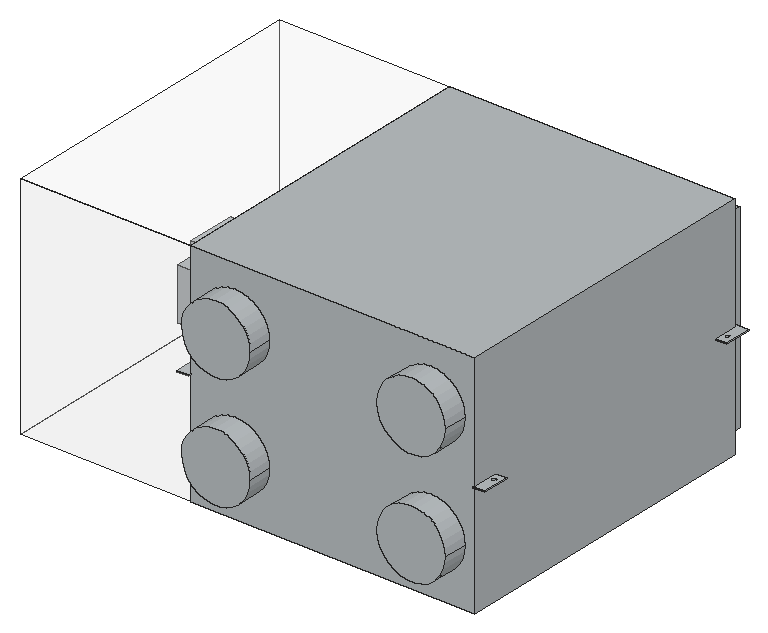
Revit family "lgh-rn150_200rxv2d-c_60Hz", category 機械設備, Revit 2019
Family settings
  丸型コネクタ寸法 = 直径を使用
  パーツ タイプ = 割り込み
  OmniClass 番号 = 23.75.10.34.21
  OmniClass タイトル = Heat Exchangers for Ventilation Air
  作業面ベース = いいえ
  常に垂直 = はい
  ロード時にボイドで切り取り = いいえ
  共有 = いいえ
  部屋計算ポイント = はい
Parameters (values of type "LGH-RN150RXV2D-C")
  騒音レベル(dB(A)) = 38.5
  風量 = MAX風量  # 1500.0 m³/h
  面風速 = 8.5 m/s
  電源種別 [instance] = "一般"
  電圧 = 200 V
  電動機出力 = 0 W
  集中コントローラ = ""
  運転質量 = 0.00 kg
  連動 [instance] = ""
  質量 = if(製品質量 > 運転質量, 製品質量, 運転質量) * 1.2  # 128.40 kg
  負荷分類 = 3_ファン類
  説明 = "業務用ロスナイ 天井埋込形 DCリプレースマイコン CO2センサー付"
  設計風量 = 0.0 m³/h
  設置方法 = "天井吊(隠ぺい)形"
  記号 [instance] = ""
  製造元 = "三菱電機株式会社"
  製品質量 = 107.00 kg
  製品出荷対象 = "国内"
  製品リリース年月 = "2023/5/15"
  製品グループ = ""
  系統 [instance] = ""
  符号 [instance] = "HEU"
  積算_科目 = "1 空気調和設備"
  積算_拾い区分 [instance] = ""
  相 = 1
  盤記号 [instance] = ""
  発停方法 [instance] = ""
  特殊仕様 [instance] = ""
  点検口高さ = -Height / 2  # -404 mm
  点検口 = yes
  火災停止 [instance] = ""
  温度交換効率_特強 = 74.00%
  温度交換効率_強 = 74.00%
  温度交換効率_弱 = 76.50%
  消費電力 = 900 W
  法定耐用年数 = "15"
  機外静圧_排気 = 275.0 Pa
  機外静圧 = 275.0 Pa
  極数 = 3
  材質 [instance] = ""
  本体マテリアル = 溶融亜鉛めっき鋼板
  操作・制御方式 = ""
  操作・制御スイッチ = ""
  排気量 = 0.0 m³/h
  形式 = "天井埋込ダクト形"
  形名 = LGH-RN-3 : LGH-RN150-3
  幹線記号 [instance] = ""
  対象室 [instance] = ""
  実風量 = 0.0 m³/h
  始動方式 [instance] = "直入"
  外気量 = 設計風量  # 0.0 m³/h
  呼称 = "全熱交換ユニット"
  周波数 = 60 Hz
  吊りボルト-W = 1046 mm
  吊りボルト-D = 1030 mm
  参照している仕様書等のバージョン = ""
  初期抵抗 = 0.0 Pa
  分類コード = "50052504100070"
  分類グループ = ""
  価格 = 1441200
  企業コード = "108420"
  付属品_フィルター_還気 = ""
  付属品_フィルター = ""
  付属品 [instance] = ""
  仕様書バージョン = "Version1.0"
  モデル = "LGH-RN150RXV2D-C"
  ダクト高 = 700 mm
  ダクト径 = 250 mm
  ダクト幅 = 270 mm
  サービススペース = yes
  コメント [instance] = ""
  Keynote = ""
  エンタルピ交換効率_暖房_特強 = 76.00%
  エンタルピ交換効率_暖房_強 = 76.00%
  エンタルピ交換効率_暖房_弱 = 78.50%
  エンタルピ交換効率_冷房_特強 = 66.00%
  エンタルピ交換効率_冷房_強 = 66.00%
  エンタルピ交換効率_冷房_弱 = 68.50%
  Width = 1004 mm
  Version = ""
  Uniclass2015Version = "Systems v1.9"
  Uniclass2015Title = "Thermal wheels"
  Uniclass2015Code = "Pr_60_60_36_88"
  URL = "https://www.mitsubishielectric.co.jp/ldg/wink/qr/002/324452/"
  SpecificationReference = ""
  SpecificationDescription = ""
  SMAX風量 = 1500.0 m³/h
  SMAX静圧 = 275.0 Pa
  SAサイズ_D = 242 mm
  Revision = ""
  RAサイズ_D = 242 mm
  ProductInformation = ""
  OmniClassCode = "23-27 23 19 11"
  OAサイズ_W = 270 mm
  OAサイズ_D = 700 mm
  MIN風量 = 660.0 m³/h
  MIN静圧 = 47.0 Pa
  MID風量 = 1080.0 m³/h
  MID静圧 = 127.0 Pa
  MAX風量 = 1500.0 m³/h
  MAX静圧 = 245.0 Pa
  M2 = 49 mm
  M1 = 84 mm
  IfcTypeProduct = ""
  IfcProduct = ""
  IfcExportType = "ROTARYWHEEL"
  IfcExportAs = "IfcAirToAirHeatRecoveryType"
  Height = 808 mm
  EAサイズ_W = 270 mm
  EAサイズ_D = 700 mm
  Depth = 1144 mm
  Clearance Top = 0 mm  # constant formula
  Clearance Right = 0 mm  # constant formula
  Clearance Left = 600 mm  # constant formula
  Clearance Front = 0 mm  # constant formula
  Clearance Bottom = 0 mm  # constant formula
  Clearance Back = 0 mm  # constant formula
  Author = "三菱電機株式会社"
Types (2, lengths in mm): name | 騒音レベル(dB(A)) | 風量 | 面風速 | 質量 | 製品質量 | 温度交換効率_特強 | 温度交換効率_強 | 温度交換効率_弱 | 消費電力 | 機外静圧_排気 | 機外静圧 | 形名 | 吊りボルト-W | 価格 | モデル | エンタルピ交換効率_暖房_特強 | エンタルピ交換効率_暖房_強 | エンタルピ交換効率_暖房_弱 | エンタルピ交換効率_冷房_特強 | エンタルピ交換効率_冷房_強 | エンタルピ交換効率_冷房_弱 | Width | URL | SMAX風量 | SMAX静圧 | MIN風量 | MIN静圧 | MID風量 | MID静圧 | MAX風量 | MAX静圧
  LGH-RN150RXV2D-C | 38.5 | 1500.0 m³/h | 8.5 m/s | 128.40 kg | 107.00 kg | 74.00% | 74.00% | 76.50% | 900 W | 275.0 Pa | 275.0 Pa | LGH-RN-3 : LGH-RN150-3 | 1046 | 1441200 | "LGH-RN150RXV2D-C" | 76.00% | 76.00% | 78.50% | 66.00% | 66.00% | 68.50% | 1004 | "https://www.mitsubishielectric.co.jp/ldg/wink/qr/002/324452/" | 1500.0 m³/h | 275.0 Pa | 660.0 m³/h | 47.0 Pa | 1080.0 m³/h | 127.0 Pa | 1500.0 m³/h | 245.0 Pa
  LGH-RN200RXV2D-C | 41 | 2000.0 m³/h | 11.3 m/s | 140.40 kg | 117.00 kg | 73.00% | 73.00% | 75.00% | 1160 W | 225.0 Pa | 225.0 Pa | LGH-RN-3 : LGH-RN200-3 | 1273 | 1614200 | "LGH-RN200RXV2D-C" | 75.00% | 75.00% | 76.50% | 65.00% | 65.00% | 67.50% | 1231 | "https://www.mitsubishielectric.co.jp/ldg/wink/qr/002/324455/" | 2000.0 m³/h | 225.0 Pa | 880.0 m³/h | 32.0 Pa | 1440.0 m³/h | 86.0 Pa | 2000.0 m³/h | 165.0 Pa
Reference planes
  plane 1 "中心(正面/背面)": y = 0
  plane 2: z = 0
  plane 3 "中心(左/右)": x = 0
  plane 4 "4": x = 0
  plane 5 "3": x = 0
  plane 6 "左": x = -502
  plane 7 "右": x = 502
  plane 8 "背面": y = 572
  plane 9 "正面": y = -572
  plane 10: z = 404
  plane 11: y = 515
  plane 12: y = -515
  plane 13: x = 523
  plane 14: x = -523
  plane 15: z = -404
  plane 16: z = 404
  plane 17: z = -404
  plane 18: y = 572
  plane 19: x = 502
  plane 20: x = -1102
  plane 21: y = -572
  plane 22: y = 225
  plane 23: x = -652
  plane 24: y = -225
Dimensions and locks
  equal spacing: plane 6 "左", plane 5 "3", plane 7 "右"
  "Width": plane 6 "左" to plane 7 "右"
  equal spacing: plane 9 "正面", plane 1 "中心(正面/背面)", plane 8 "背面"
  "Depth": plane 9 "正面" to plane 8 "背面"
  equal spacing: plane 10, level, plane 15
  "Height": plane 10 to plane 15
  equal spacing: plane 14, plane 5 "3", plane 13
  "吊りボルト-W": plane 14 to plane 13
  equal spacing: plane 12, plane 1 "中心(正面/背面)", plane 11
  "吊りボルト-D": plane 12 to plane 11
  "Clearance Back": plane 8 "背面" to plane 18
  "Clearance Front": plane 21 to plane 9 "正面"
  "Clearance Right": plane 7 "右" to plane 19
  "Clearance Left": plane 20 to plane 6 "左"
  "Clearance Top": plane 16 to plane 10
  "Clearance Bottom": plane 15 to plane 17
  equal spacing: plane 24, plane 1 "中心(正面/背面)", plane 22
  locked: plane 24 to plane 22 at 450
  locked: plane 20 to plane 23 at 450
  aligned and locked: level to plane 2
  aligned and locked: nested 1 to plane 11
  aligned and locked: plane 12 to nested 1
  aligned and locked: plane 14 to nested 1
  aligned and locked: plane 13 to nested 1
  aligned and locked: plane 21 to nested 3
  aligned and locked: plane 20 to nested 3
  aligned and locked: plane 16 to nested 3
  aligned and locked: plane 17 to nested 3
  aligned and locked: plane 18 to nested 3
  aligned and locked: plane 6 "左" to nested 3
  aligned and locked: plane 1 "中心(正面/背面)" to nested 2
  aligned and locked: nested 2 to plane 5 "3"
  aligned and locked: plane 23 to nested 4
  aligned and locked: plane 20 to nested 4
  aligned and locked: plane 22 to nested 4
  aligned and locked: nested 4 to plane 24
Nested families
  nested 1: "固定点" at (-523, -515, 0), type "固定点"
    with W 1046 mm, D 1030 mm
  nested 2: "LGH-RN-3" at (0, 0, -404) x (0, -1, 0) z (0, 0, 1), type <- "形名", type "LGH-RN150-3"
  nested 3: "サービススペース" at (-802, 0, 0), visible <- "サービススペース", type "サービススペース"
    with Width 600 mm, Height 808 mm, Depth 1144 mm
  nested 4: "点検口設置範囲" at (-877, 0, -404), visible <- "点検口", built-in parameter 1001364 <- "点検口高さ", type "点検口設置範囲"
    with Width 450 mm, Depth 450 mm
Connectors
  hvac at (345, -656, 202), driven by "ダクト径", driven by "機外静圧", driven by "風量"
    settings: on nested 2, index 1, duct flow 1500.0 m³/h, flow factor 0, pres drop 275.0 Pa, loss coef 0, conn angle 0.00°, conn width 304.8 mm, conn height 304.8 mm, conn diameter 250 mm, duct sys type 2, conn prof type 0, flow config 0, flow direction 1, loss method 4, conn ref index -1, conn util no, is conn primary yes, conn desc ""
  hvac at (345, -656, -202), driven by "ダクト径", driven by "機外静圧", driven by "風量"
    settings: on nested 2, index 2, duct flow 1500.0 m³/h, flow factor 0, pres drop 275.0 Pa, loss coef 0, conn angle 0.00°, conn width 304.8 mm, conn height 304.8 mm, conn diameter 250 mm, duct sys type 2, conn prof type 0, flow config 0, flow direction 1, loss method 4, conn ref index -1, conn util no, is conn primary no, conn desc ""
  hvac at (-345, -656, 202), driven by "ダクト径", driven by "機外静圧", driven by "風量"
    settings: on nested 2, index 3, duct flow 1500.0 m³/h, flow factor 0, pres drop 275.0 Pa, loss coef 0, conn angle 0.00°, conn width 304.8 mm, conn height 304.8 mm, conn diameter 250 mm, duct sys type 1, conn prof type 0, flow config 0, flow direction 2, loss method 4, conn ref index -1, conn util no, is conn primary no, conn desc ""
  hvac at (-345, -656, -202), driven by "ダクト径", driven by "機外静圧", driven by "風量"
    settings: on nested 2, index 4, duct flow 1500.0 m³/h, flow factor 0, pres drop 275.0 Pa, loss coef 0, conn angle 0.00°, conn width 304.8 mm, conn height 304.8 mm, conn diameter 250 mm, duct sys type 1, conn prof type 0, flow config 0, flow direction 2, loss method 4, conn ref index -1, conn util no, is conn primary no, conn desc ""
  hvac at (345, 621, 0), driven by "機外静圧", driven by "排気量", driven by "ダクト高", driven by "ダクト幅"
    settings: on nested 2, index 5, duct flow 0.0 m³/h, flow factor 0, pres drop 275.0 Pa, loss coef 0, conn angle 0.00°, conn width 270 mm, conn height 700 mm, conn diameter 609.6 mm, duct sys type 3, conn prof type 1, flow config 0, flow direction 2, loss method 4, conn ref index -1, conn util no, is conn primary no, conn desc ""
  hvac at (-345, 621, 0), driven by "機外静圧", driven by "外気量", driven by "ダクト幅", driven by "ダクト高"
    settings: on nested 2, index 6, duct flow 0.0 m³/h, flow factor 0, pres drop 275.0 Pa, loss coef 0, conn angle 0.00°, conn width 270 mm, conn height 700 mm, conn diameter 609.6 mm, duct sys type 4, conn prof type 1, flow config 0, flow direction 1, loss method 4, conn ref index -1, conn util no, is conn primary no, conn desc ""
  electrical at (-559.5, -427, -18.5), driven by "極数", driven by "負荷分類", driven by "電圧", driven by "消費電力"
    settings: on nested 2, index 7, voltage 200 V, apparent load 900 VA, apparent load phase1 0 VA, apparent load phase2 0 VA, apparent load phase3 0 VA, power factor 1, load classification "3_ファン類", number of poles 3, system type 30, power factor state 1, is connector primary yes, connector utility no, sub classification motor no, connector description ""
Definition of nested family "LGH-RN-3"
  Parameters (values of type "LGH-RN150-3")
    吊りボルト-φ = 13 mm
    吊りボルト-W1 = 1030 mm
    吊りボルト-D1 = 1046 mm
    マテリアル = none
    ダクト間 = 690 mm
    ダクト-W = 270 mm
    ダクト-H = 700 mm
    コントロール手前位置 = 145 mm  # constant formula
    コントロール上位置 = 88 mm  # constant formula
    φ = 242 mm
    Φ = 258 mm
    吊りボルト-H = 0 mm
    M2 = 49 mm
    M1 = 84 mm
    W = 1144 mm
    H = 808 mm
    D = 1004 mm
    CO2センサー手前位置 = 176 mm  # constant formula
    CO2センサー上位置 = 201 mm  # constant formula
  Types (2, lengths in mm): name | 吊りボルト-D1 | ダクト間 | D
    LGH-RN200-3 | 1273 | 917 | 1231
    LGH-RN150-3 | 1046 | 690 | 1004
  Reference planes
    plane 1 "中心(正面/背面)": y = 0
    plane 2: z = 0
    plane 3 "中心(左/右)": x = 0
    plane 4: y = 502
    plane 5: y = 523
    plane 6: y = 543
    plane 7: y = -502
    plane 8: y = -523
    plane 9: y = -543
    plane 10: x = -572
    plane 11: x = 572
    plane 12: z = 404
    plane 13: x = -213
    plane 14: x = 656
    plane 15: x = -621
    plane 16: z = 202
    plane 17: y = 345
    plane 18: y = -345
    plane 19: x = -515
    plane 20: x = 515
    plane 21: x = 190.667
    plane 22: x = -190.667
    plane 23: y = -617
    plane 24: y = -686
    plane 25: x = 427
    plane 26: x = 381.333
    plane 27: x = 252
    plane 28: z = 336.667
    plane 29: z = 269.333
    plane 30: z = 134.667
    plane 31: z = 67.333
    plane 32: x = 396
    plane 33: x = 281
    plane 34: x = -581
    plane 35: x = 581
    plane 36: x = 485
    plane 37: x = -485
    plane 38: z = 404
    plane 39: z = 401
    plane 40: z = 606
    plane 41: z = 471.333
    plane 42: z = 538.667
    plane 43: z = 673.333
    plane 44: z = 740.667
    plane 45: z = 404
    plane 46: z = 808
    plane 47: y = 480
    plane 48: y = 210
    plane 49: y = -210
    plane 50: y = -480
    plane 51: z = 754
    plane 52: z = 54
    plane 53: z = 720
    plane 54: z = 607
    plane 55: z = 424
    plane 56: z = 51
  Forms (mm)
    Extrusion 1, solid, material <- "マテリアル", detail levels fine
      sketch origin (0, 0, 0) x (0, 1, 0) y (0, 0, -1)
        loop
          circle (-345, -202) r 121
        loop
          circle (345, -202) r 121
        loop
          circle (345, -606) r 121
        loop
          circle (-345, -606) r 121
      from -572 to -656
    Extrusion 2, solid, material <- "マテリアル", detail levels fine
      sketch origin (0, 0, 0) x (1, 0, 0) y (0, 1, 0)
        loop
          line (-581, 543) -> (-581, 502) -> (-485, 502) -> (-485, 543) -> (-581, 543)
        loop
          line (-581, -502) -> (-581, -543) -> (-485, -543) -> (-485, -502) -> (-581, -502)
        loop
          line (485, 543) -> (485, 502) -> (581, 502) -> (581, 543) -> (485, 543)
        loop
          line (485, -543) -> (581, -543) -> (581, -502) -> (485, -502) -> (485, -543)
        loop
          circle (-515, 523) r 6.5
        loop
          circle (515, 523) r 6.5
        loop
          circle (-515, -523) r 6.5
        loop
          circle (515, -523) r 6.5
      from 401 to 404
    Extrusion 3, solid, material <- "マテリアル", detail levels fine
      sketch origin (0, 0, 808) x (0, -1, 0) y (1, 0, 0)
        loop
          line (-502, -572) -> (502, -572) -> (502, 572) -> (-502, 572) -> (-502, -572)
      from 0 to -808
    Extrusion 4, solid, material <- "マテリアル", detail levels fine
      sketch origin (0, 0, 0) x (1, 0, 0) y (0, 0, 1)
        loop
          line (252, 720) -> (252, 51) -> (427, 51) -> (427, 720) -> (252, 720)
      from 502 to 617
    Extrusion 5, solid, material <- "マテリアル", detail levels fine
      sketch origin (0, 0, 0) x (1, 0, 0) y (0, 0, 1)
        loop
          line (281, 607) -> (281, 424) -> (396, 424) -> (396, 607) -> (281, 607)
      from 617 to 686
    Extrusion 6, solid, material <- "マテリアル", detail levels fine
      sketch origin (0, 0, 0) x (0, 1, 0) y (0, 0, 1)
        loop
          line (-210, 754) -> (-480, 754) -> (-480, 54) -> (-210, 54) -> (-210, 754)
        loop
          line (210, 754) -> (210, 54) -> (480, 54) -> (480, 754) -> (210, 754)
      from -621 to -572
  Dimensions and locks
    "W": plane 10 to plane 11
    "吊りボルト-D1": plane 8 to plane 5
    "D": plane 7 to plane 4
    equal spacing: plane 7, plane 1 "中心(正面/背面)", plane 4
    equal spacing: plane 10, plane 3 "中心(左/右)", plane 11
    "M2": plane 15 to plane 10
    "M1": plane 11 to plane 14
    equal spacing: plane 8, plane 1 "中心(正面/背面)", plane 5
    equal spacing: plane 18, plane 1 "中心(正面/背面)", plane 17
    "ダクト間": plane 18 to plane 17
    equal spacing: plane 19, plane 3 "中心(左/右)", plane 20
    "吊りボルト-W1": plane 19 to plane 20
    plane 15 to plane 14 = 1277 mm
    equal spacing: plane 10, plane 22, plane 21, plane 11
    plane 11 to plane 21 to plane 22 to plane 10 = 381.333 mm, 381.333 mm, 381.333 mm
    locked: plane 23 to plane 7 at 115
    locked: plane 24 to plane 7 at 184
    equal spacing: plane 12, plane 28, plane 29, plane 16, plane 30, plane 31, level
    locked: plane 5 to plane 6 at 20
    locked: plane 9 to plane 8 at 20
    locked: plane 38 to plane 39 at 3
    "吊りボルト-H": plane 12 to plane 38
    locked: plane 19 to plane 37 at 30
    locked: plane 36 to plane 20 at 30
    locked: plane 34 to plane 10 at 9
    locked: plane 11 to plane 35 at 9
    "H": plane 46 to level
    equal spacing: plane 46, plane 44, plane 43, plane 40, plane 42, plane 41, plane 12
    "吊りボルト-H": plane 45 to plane 12
    equal spacing: plane 48, plane 17, plane 47
    "ダクト-W": plane 48 to plane 47
    equal spacing: plane 50, plane 18, plane 49
    "ダクト-W": plane 50 to plane 49
    equal spacing: plane 51, plane 45, plane 52
    "ダクト-H": plane 51 to plane 52
    locked: plane 33 to plane 32 at 115
    locked: plane 27 to plane 25 at 175
    "CO2センサー手前位置": plane 32 to plane 11
    "コントロール手前位置": plane 25 to plane 11
    locked: plane 53 to plane 56 at 669
    "コントロール上位置": plane 46 to plane 53
    "CO2センサー上位置": plane 46 to plane 54
    locked: plane 54 to plane 55 at 183
    "φ": diameter of Extrusion 1 sketch curve  (x4)
    "吊りボルト-φ": diameter of Extrusion 2 sketch curve  (x4)
    aligned and locked: level to plane 2
    aligned and locked: plane 14 to Extrusion 1
    aligned and locked: plane 18 to Extrusion 1 sketch curve  (x2)
    aligned and locked: plane 16 to Extrusion 1 sketch curve  (x2)
    aligned and locked: plane 17 to Extrusion 1 sketch curve  (x2)
    aligned and locked: plane 6 to Extrusion 2 sketch curve  (x2)
    aligned and locked: plane 34 to Extrusion 2 sketch curve  (x2)
    aligned and locked: Extrusion 2 sketch curve to plane 4  (x2)
    aligned and locked: Extrusion 2 sketch curve to plane 37  (x2)
    aligned and locked: plane 7 to Extrusion 2 sketch curve
    aligned and locked: Extrusion 2 sketch curve to plane 9
    aligned and locked: Extrusion 2 sketch curve to plane 35
    aligned and locked: plane 9 to Extrusion 2 sketch curve
    aligned and locked: Extrusion 2 sketch curve to plane 7
    aligned and locked: plane 35 to Extrusion 2 sketch curve
    aligned and locked: plane 8 to Extrusion 2 sketch curve  (x2)
    aligned and locked: plane 5 to Extrusion 2 sketch curve  (x2)
    aligned and locked: plane 19 to Extrusion 2 sketch curve  (x2)
    aligned and locked: plane 20 to Extrusion 2 sketch curve  (x2)
    aligned and locked: Extrusion 2 to plane 39
    aligned and locked: plane 38 to Extrusion 2
    aligned and locked: Extrusion 2 sketch curve to plane 36  (x2)
    aligned and locked: Extrusion 3 to plane 46
    aligned and locked: plane 27 to Extrusion 4 sketch curve
    aligned and locked: plane 7 to Extrusion 4
    aligned and locked: plane 23 to Extrusion 4
    aligned and locked: plane 33 to Extrusion 5 sketch curve
    aligned and locked: Extrusion 5 sketch curve to plane 32
    aligned and locked: plane 23 to Extrusion 5
    aligned and locked: plane 24 to Extrusion 5
    aligned and locked: plane 40 to Extrusion 1 sketch curve  (x2)
    aligned and locked: plane 51 to Extrusion 6 sketch curve
    aligned and locked: Extrusion 6 sketch curve to plane 51
    aligned and locked: Extrusion 6 sketch curve to plane 52  (x2)
    aligned and locked: Extrusion 6 sketch curve to plane 47
    aligned and locked: Extrusion 6 sketch curve to plane 48
    aligned and locked: Extrusion 6 sketch curve to plane 49
    aligned and locked: Extrusion 6 sketch curve to plane 50
    aligned and locked: Extrusion 6 to plane 15
    aligned and locked: plane 10 to Extrusion 6
    aligned and locked: plane 55 to Extrusion 5 sketch curve
    aligned and locked: Extrusion 5 sketch curve to plane 54
    aligned and locked: Extrusion 4 sketch curve to plane 53
    aligned and locked: Extrusion 3 to level
    aligned and locked: Extrusion 4 to plane 56
    aligned and locked: Extrusion 1 to plane 11
  Automatic sketch dimensions
    plane 4 to Extrusion 3 sketch curve = 0 mm
    plane 7 to Extrusion 3 sketch curve = 0 mm
    Extrusion 3 sketch curve to plane 10 = 0 mm
    Extrusion 3 sketch curve to plane 11 = 0 mm
    Extrusion 4 sketch curve to plane 12 = 353 mm
    Extrusion 4 sketch curve to plane 25 = 0 mm
Definition of nested family "サービススペース"
  Parameters (values of type "サービススペース")
    Width [instance] = 500 mm
    Height [instance] = 500 mm
    Depth [instance] = 500 mm
  Reference planes
    plane 1 "中心(正面/背面)": y = 0
    plane 2: z = 0
    plane 3 "中心(左/右)": x = 0
    plane 4: y = -250
    plane 5: x = 250
    plane 6: y = 250
    plane 7: x = -250
    plane 8: z = 250
    plane 9: z = -250
  Forms (mm)
    Extrusion 1, solid
      sketch origin (-638.939, 0, 72.39) x (1, 0, 0) y (0, 1, 0)
        loop
          line (388.939, 250) -> (388.939, -250) -> (888.939, -250) -> (888.939, 250) -> (388.939, 250)
      from -322.39 to 177.61
  Lines and regions (mm)
    symbolic lines
      curve 1: line (-250, 0, 250) -> (250, 0, 250)
      curve 2: line (-250, 0, -250) -> (-250, 0, 250)
      curve 3: line (250, 0, -250) -> (-250, 0, -250)
      curve 4: line (250, 0, 250) -> (250, 0, -250)
      curve 5: line (0, -250, 250) -> (0, 250, 250)
      curve 6: line (0, -250, -250) -> (0, -250, 250)
      curve 7: line (0, 250, -250) -> (0, -250, -250)
      curve 8: line (0, 250, 250) -> (0, 250, -250)
      curve 9: line (-250, 250, 0) -> (250, 250, 0)
      curve 10: line (-250, -250, 0) -> (-250, 250, 0)
      curve 11: line (250, -250, 0) -> (-250, -250, 0)
      curve 12: line (250, 250, 0) -> (250, -250, 0)
  Dimensions and locks
    equal spacing: plane 7, plane 3 "中心(左/右)", plane 5
    equal spacing: plane 4, plane 1 "中心(正面/背面)", plane 6
    "Depth": plane 4 to plane 6
    "Width": plane 7 to plane 5
    equal spacing: plane 8, plane 2, plane 9
    "Height": plane 8 to plane 9
    aligned and locked: plane 9 to curve 3
    aligned and locked: plane 7 to curve 2
    aligned and locked: curve 4 to plane 5
    aligned and locked: plane 5 to Extrusion 1
    aligned and locked: Extrusion 1 to plane 7
    aligned and locked: Extrusion 1 to plane 9
    aligned and locked: plane 8 to Extrusion 1
    aligned and locked: plane 9 to curve 7
  Automatic sketch dimensions
    plane 4 to Extrusion 1 sketch curve = 0 mm
    Extrusion 1 sketch curve to plane 7 = 0 mm
    Extrusion 1 sketch curve to plane 5 = 0 mm
    plane 6 to Extrusion 1 sketch curve = 0 mm
    curve 2 to plane 8 = 0 mm
    plane 4 to curve 11 = 0 mm
    curve 11 to plane 7 = 0 mm
    curve 11 to plane 5 = 0 mm
    plane 6 to curve 10 = 0 mm
    curve 7 to plane 4 = 0 mm
    curve 7 to plane 6 = 0 mm
    curve 6 to plane 8 = 0 mm
Definition of nested family "固定点"
  Parameters (values of type "固定点")
    中心円 = 11 mm
    W [instance] = 1000 mm
    D [instance] = 1000 mm
  Reference planes
    plane 1 "中心(正面/背面)": y = 0
    plane 2: z = 0
    plane 3 "中心(左/右)": x = 0
    plane 4: x = 1000
    plane 5: y = 1000
  Lines and regions (mm)
    symbolic lines, detail levels fine
      curve 1: circle (0, 1000, 0) r 5.5 normal (0, 0, 1)
      curve 2: circle (0, 0, 0) r 5.5 normal (0, 0, 1)
      curve 3: circle (1000, 1000, 0) r 5.5 normal (0, 0, 1)
      curve 4: circle (1000, 0, 0) r 5.5 normal (0, 0, 1)
      curve 5: line (-200, 1000, 0) -> (1200, 1000, 0)
      curve 6: line (-200, 0, 0) -> (1200, 0, 0)
      curve 7: line (0, 1200, 0) -> (0, -200, 0)
      curve 8: line (1000, 1200, 0) -> (1000, -200, 0)
  Dimensions and locks
    "W": plane 3 "中心(左/右)" to plane 4
    "D": plane 1 "中心(正面/背面)" to plane 5
    "中心円": diameter of curve 1
    "中心円": diameter of curve 2
    "中心円": diameter of curve 3
    "中心円": diameter of curve 4
    aligned and locked: level to plane 2
    aligned and locked: plane 5 to curve 1
    aligned and locked: plane 3 "中心(左/右)" to curve 1
    aligned and locked: plane 3 "中心(左/右)" to curve 2
    aligned and locked: plane 1 "中心(正面/背面)" to curve 2
    aligned and locked: plane 4 to curve 3
    aligned and locked: plane 5 to curve 3
    aligned and locked: plane 1 "中心(正面/背面)" to curve 4
    aligned and locked: plane 4 to curve 4
    aligned and locked: plane 1 "中心(正面/背面)" to curve 6
    aligned and locked: curve 7 to plane 3 "中心(左/右)"
    aligned and locked: curve 8 to plane 4
  Automatic sketch dimensions
    curve 5 to plane 5 = 0 mm
    curve 6 to plane 3 "中心(左/右)" = 200 mm
    curve 5 to plane 3 "中心(左/右)" = 200 mm
    curve 4 to curve 6 = 200 mm
    curve 3 to curve 5 = 200 mm
    plane 1 "中心(正面/背面)" to curve 8 = 200 mm
    plane 1 "中心(正面/背面)" to curve 7 = 200 mm
    curve 3 to curve 8 = 200 mm
    curve 1 to curve 7 = 200 mm
Definition of nested family "点検口設置範囲"
  Parameters (values of type "点検口設置範囲")
    Width [instance] = 1000 mm
    Depth [instance] = 700 mm
  Reference planes
    plane 1 "中心(正面/背面)": y = 0
    plane 2: z = 0
    plane 3 "中心(左/右)": x = 0
    plane 4: x = -500
    plane 5: x = 500
    plane 6: y = -350
    plane 7: y = 350
  Lines and regions (mm)
    model lines
      curve 1: line (-500, 350, 0) -> (500, 350, 0)
      curve 2: line (-500, -350, 0) -> (-500, 350, 0)
      curve 3: line (500, -350, 0) -> (-500, -350, 0)
      curve 4: line (500, 350, 0) -> (500, -350, 0)
  Dimensions and locks
    "Depth": plane 7 to plane 6
    "Width": plane 4 to plane 5
    equal spacing: plane 7, plane 1 "中心(正面/背面)", plane 6
    equal spacing: plane 4, plane 3 "中心(左/右)", plane 5
    aligned and locked: level to plane 2
    aligned and locked: plane 4 to curve 2
    aligned and locked: curve 1 to plane 7
    aligned and locked: curve 4 to plane 5
    aligned and locked: plane 6 to curve 3
